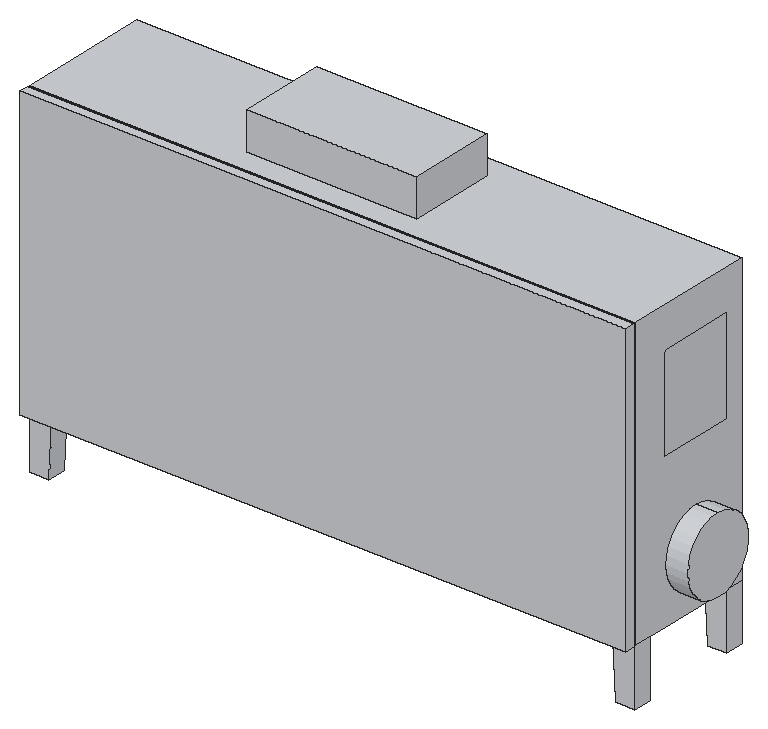
Revit family "AHU 1 _1", category Mechanické zařízení, Revit 2018
Family settings
  Kóta kulaté spojky = Použít průměr
  Typ dílu = Normální
  Číslo OmniClass = 23.75.00.00
  Nadpis OmniClass = Climate Control (HVAC)
  Založené na pracovní rovině = Ne
  Vždy vertikální = Ano
  Ořezat dutým tvarem při načtení = Ne
  Sdílené = Ne
  Bod výpočtu místnosti = Ne
Parameters (values of type "DUPLEXVENT 500 Multi")
  Width [instance] = 0.384 mm
  Weight [instance] = 90.00 kg
  URL = ""
  Type [instance] = "DUPLEXVENT 500 Multi"
  Total_SFP [instance] = 0
  Supply_outlet_hum [instance] = 90
  Supply_inlet_hum [instance] = 90
  Supply_ext_pressure [instance] = 0.0 Pa
  Supply_SFP [instance] = 0
  Source_adu_file [instance] = ""
  Recuperation_type [instance] = "Plate heat recovery exchanger"
  Recuperation_efficiency_EN308 [instance] = 0
  Project_name [instance] = ""
  Project_date [instance] = "9.8.2023"
  Power_supply_fusing [instance] = "0"
  Power_supply_cable [instance] = "0"
  Position [instance] = "AHU 1 "
  Phases_count [instance] = 1
  Panel_thickness [instance] = 0.06 mm
  Outer_surface [instance] = "RAL 9002"
  Length [instance] = 1.6 mm
  Insulation_type [instance] = "PUR"
  Insulation_thickness [instance] = 0.05 mm
  Installation_environment [instance] = ""
  Input_power_max [instance] = 340 W
  Inner_surface [instance] = "Pozink"
  I2 [instance] = I1  # 0.0 L/s
  Height [instance] = 0.765 mm
  Exhaust_outlet_hum [instance] = 40
  Exhaust_inlet_hum [instance] = 40
  Exhaust_ext_pressure [instance] = 0.0 Pa
  Exhaust_SFP [instance] = 0
  E1 [instance] = E2 - M1  # 0.0 L/s
  E2 [instance] = 0.0 L/s
  I1 [instance] = 0.0 L/s
  Description = ""
  M1 [instance] = 0.0 L/s
  Device_dutypoint_version [instance] = "0"
  Device_design_version [instance] = "9"
  Device_adu_id [instance] = "1"
  Current_max [instance] = 2.8 A
  Casing_mat [instance] = "painted zinc layer"
  Cable type [instance] = "CYKY 3Jx2,5"
Reference planes
  plane 1 "Střed (vpředu/vzadu)": y = 0
  plane 2 "ref": z = 0
  plane 3 "Střed (vlevo/vpravo)": x = 0
Forms (mm)
  Sweep 1, solid
    path origin (0, 0, 0) x (0, 0, 1) y (1, 0, 0)
      loop
        line (0, 0) -> (765, 0)
    profile origin (0, 0, 0) x (1, 0, 0) y (0, 1, 0)
      loop
        line (0, 0) -> (1600, 0) -> (1600, 354) -> (0, 354) -> (0, 0)
  Sweep 2, solid
    path origin (0, 0, 0) x (0, 0, 1) y (1, 0, 0)
      loop
        line (0, 0) -> (765, 0)
    profile origin (0, 0, 0) x (1, 0, 0) y (0, 1, 0)
      loop
        line (0, 0) -> (0, -30) -> (1600, -30) -> (1600, 0) -> (0, 0)
  Sweep 3, solid
    path origin (0, 199, 150) x (0, 0, -1) y (1, 0, 0)
      loop
        line (0, 0) -> (0, -60)
    profile origin (0, 199, 150) x (0, 0, -1) y (0, -1, 0)
      loop
        circle (0, 0) r 100
  Sweep 4, solid
    path origin (1599, 199, 532) x (1, 0, 0) y (0, 1, 0)
      loop
        line (0, 0) -> (1, 0)
    profile origin (1599, 199, 532) x (0, 1, 0) y (0, 0, 1)
      loop
        line (-100, 125) -> (-100, -125) -> (100, -125) -> (100, 125) -> (-100, 125)
  Sweep 5, solid
    path origin (1600, 199, 150) x (0, 0, -1) y (1, 0, 0)
      loop
        line (0, 0) -> (0, 60)
    profile origin (1600, 199, 150) x (0, 0, 1) y (0, -1, 0)
      loop
        circle (0, 0) r 100
  Sweep 6, solid
    path origin (1, 199, 544) x (0, 1, 0) y (-1, 0, 0)
      loop
        line (0, 0) -> (0, 1)
    profile origin (1, 199, 544) x (0, -1, 0) y (0, 0, 1)
      loop
        line (-100, -125) -> (100, -125) -> (100, 125) -> (-100, 125) -> (-100, -125)
  Sweep 7, solid
    path origin (453, 308, 0) x (0, -1, 0) y (0, 0, 1)
      loop
        line (0, 0) -> (0, -50)
    profile origin (453, 308, 0) x (-1, 0, 0) y (0, -1, 0)
      loop
        circle (0, 0) r 16
  Sweep 8, solid
    path origin (0, 0, 0) x (0, 0, 1) y (1, 0, 0)
      loop
        line (0, 0) -> (765, 0)
    profile origin (0, 0, 0) x (1, 0, 0) y (0, 1, 0)
      loop
        line (0, -30) -> (1600, -30) -> (1600, -5) -> (0, -5) -> (0, -30)
  Sweep 9, solid
    path origin (25, 50, 0) x (1, 0, 0) y (0, 1, 0)
      loop
        line (0, 0) -> (0, -50)
    profile origin (25, 50, 0) x (1, 0, 0) y (0, 0, 1)
      loop
        line (-25, 0) -> (-25, -150) -> (25, -150) -> (35, 0) -> (-25, 0)
  Sweep 10, solid
    path origin (1575, 50, 0) x (1, 0, 0) y (0, 1, 0)
      loop
        line (0, 0) -> (0, -50)
    profile origin (1575, 50, 0) x (1, 0, 0) y (0, 0, 1)
      loop
        line (-35, 0) -> (-25, -150) -> (25, -150) -> (25, 0) -> (-35, 0)
  Sweep 11, solid
    path origin (25, 354, 0) x (1, 0, 0) y (0, 1, 0)
      loop
        line (0, 0) -> (0, -50)
    profile origin (25, 354, 0) x (1, 0, 0) y (0, 0, 1)
      loop
        line (-25, 0) -> (-25, -150) -> (25, -150) -> (35, 0) -> (-25, 0)
  Sweep 12, solid
    path origin (1575, 354, 0) x (1, 0, 0) y (0, 1, 0)
      loop
        line (0, 0) -> (0, -50)
    profile origin (1575, 354, 0) x (1, 0, 0) y (0, 0, 1)
      loop
        line (-35, 0) -> (-25, -150) -> (25, -150) -> (25, 0) -> (-35, 0)
  Sweep 13, solid
    path origin (0, 0, 765) x (0, 0, 1) y (1, 0, 0)
      loop
        line (0, 0) -> (100, 0)
    profile origin (0, 0, 765) x (1, 0, 0) y (0, 1, 0)
      loop
        line (525, 62) -> (975, 62) -> (975, 292) -> (525, 292) -> (525, 62)
  Sweep 14, solid
    path origin (525, 177, 815) x (0, 0, -1) y (1, 0, 0)
      loop
        line (0, 0) -> (0, -1)
    profile origin (525, 177, 815) x (0, 0, -1) y (0, -1, 0)
      loop
        circle (0, 0) r 10
Lines and regions (mm)
  model lines, style "Symbol"
    curve 1: line (656, -30, 0) -> (656, -30, 153)
    curve 2: line (656, -30, 765) -> (656, -30, 612)
    curve 3: line (0, -30, 383) -> (426, -30, 383)
    curve 4: line (1600, -30, 383) -> (885, -30, 383)
    curve 5: line (426, -30, 383) -> (541, -30, 612)
    curve 6: line (541, -30, 612) -> (771, -30, 612)
    curve 7: line (771, -30, 612) -> (885, -30, 383)
    curve 8: line (885, -30, 383) -> (771, -30, 153)
    curve 9: line (771, -30, 153) -> (656, -30, 153)
    curve 10: line (656, -30, 153) -> (541, -30, 153)
    curve 11: line (541, -30, 153) -> (426, -30, 383)
    curve 12: line (1432, -30, 628) -> (1554, -30, 607)
    curve 13: line (1432, -30, 519) -> (1554, -30, 540)
    curve 14: line (168, -30, 519) -> (46, -30, 540)
    curve 15: line (168, -30, 628) -> (46, -30, 607)
    curve 16: line (32, -30, 76) -> (32, -30, 306)
    curve 17: line (32, -30, 306) -> (128, -30, 306)
    curve 18: line (128, -30, 306) -> (128, -30, 76)
    curve 19: line (128, -30, 76) -> (32, -30, 76)
    curve 20: line (80, -30, 76) -> (128, -30, 191)
    curve 21: line (80, -30, 306) -> (128, -30, 191)
    curve 22: line (1568, -30, 306) -> (1568, -30, 76)
    curve 23: line (1568, -30, 76) -> (1472, -30, 76)
    curve 24: line (1472, -30, 76) -> (1472, -30, 306)
    curve 25: line (1472, -30, 306) -> (1568, -30, 306)
    curve 26: line (1520, -30, 306) -> (1472, -30, 191)
    curve 27: line (1520, -30, 76) -> (1472, -30, 191)
    curve 28: line (500, -30, 134) -> (396, -30, 338)
    curve 29: line (396, -30, 338) -> (430, -30, 356)
    curve 30: line (430, -30, 356) -> (534, -30, 151)
    curve 31: line (534, -30, 151) -> (500, -30, 134)
    curve 32: line (437, -30, 265) -> (451, -30, 306)
    curve 33: line (479, -30, 183) -> (492, -30, 224)
    curve 34: line (0, -830, 0) -> (0, -30, 0)
    curve 35: line (1600, -830, 0) -> (1600, -30, 0)
    curve 36: line (0, -830, 0) -> (1600, -830, 0)
    curve 37: line (0, -830, 765) -> (0, -30, 765)
    curve 38: line (1600, -830, 765) -> (1600, -30, 765)
    curve 39: line (0, -830, 765) -> (1600, -830, 765)
    curve 40: line (0, -830, 0) -> (0, -830, 765)
    curve 41: line (1600, -830, 0) -> (1600, -830, 765)
    curve 42: line (0, -830, 565) -> (200, -830, 765)
    curve 43: line (0, -830, 365) -> (400, -830, 765)
    curve 44: line (0, -830, 165) -> (600, -830, 765)
    curve 45: line (35, -830, 0) -> (800, -830, 765)
    curve 46: line (235, -830, 0) -> (1000, -830, 765)
    curve 47: line (435, -830, 0) -> (1200, -830, 765)
    curve 48: line (635, -830, 0) -> (1400, -830, 765)
    curve 49: line (835, -830, 0) -> (1600, -830, 765)
    curve 50: line (1035, -830, 0) -> (1600, -830, 565)
    curve 51: line (1235, -830, 0) -> (1600, -830, 365)
    curve 52: line (1435, -830, 0) -> (1600, -830, 165)
    curve 53: line (1600, -830, 565) -> (1600, -630, 765)
    curve 54: line (1600, -830, 365) -> (1600, -430, 765)
    curve 55: line (1600, -830, 165) -> (1600, -230, 765)
    curve 56: line (1600, -795, 0) -> (1600, -30, 765)
    curve 57: line (1600, -595, 0) -> (1600, -30, 565)
    curve 58: line (1600, -395, 0) -> (1600, -30, 365)
    curve 59: line (1600, -195, 0) -> (1600, -30, 165)
    curve 60: line (0, -630, 765) -> (200, -830, 765)
    curve 61: line (0, -430, 765) -> (400, -830, 765)
    curve 62: line (0, -230, 765) -> (600, -830, 765)
    curve 63: line (0, -30, 765) -> (800, -830, 765)
    curve 64: line (200, -30, 765) -> (1000, -830, 765)
    curve 65: line (400, -30, 765) -> (1200, -830, 765)
    curve 66: line (600, -30, 765) -> (1400, -830, 765)
    curve 67: line (800, -30, 765) -> (1600, -830, 765)
    curve 68: line (1000, -30, 765) -> (1600, -630, 765)
    curve 69: line (1200, -30, 765) -> (1600, -430, 765)
    curve 70: line (1400, -30, 765) -> (1600, -230, 765)
    curve 71: line (0, 0, 1505) -> (0, 0, 765)
    curve 72: line (1600, 0, 1505) -> (1600, 0, 765)
    curve 73: line (0, 0, 1505) -> (1600, 0, 1505)
    curve 74: line (0, 354, 1505) -> (0, 354, 765)
    curve 75: line (1600, 354, 1505) -> (1600, 354, 765)
    curve 76: line (0, 354, 1505) -> (1600, 354, 1505)
    curve 77: line (0, 0, 1505) -> (0, 354, 1505)
    curve 78: line (1600, 0, 1505) -> (1600, 354, 1505)
    curve 79: line (0, 154, 1505) -> (200, 354, 1505)
    curve 80: line (46, 0, 1505) -> (400, 354, 1505)
    curve 81: line (246, 0, 1505) -> (600, 354, 1505)
    curve 82: line (446, 0, 1505) -> (800, 354, 1505)
    curve 83: line (646, 0, 1505) -> (1000, 354, 1505)
    curve 84: line (846, 0, 1505) -> (1200, 354, 1505)
    curve 85: line (1046, 0, 1505) -> (1400, 354, 1505)
    curve 86: line (1246, 0, 1505) -> (1600, 354, 1505)
    curve 87: line (1446, 0, 1505) -> (1600, 154, 1505)
    curve 88: line (1600, 154, 1505) -> (1600, 354, 1305)
    curve 89: line (1600, 0, 1459) -> (1600, 354, 1105)
    curve 90: line (1600, 0, 1259) -> (1600, 354, 905)
    curve 91: line (1600, 0, 1059) -> (1600, 294, 765)
    curve 92: line (1600, 0, 859) -> (1600, 94, 765)
    curve 93: line (0, 354, 1305) -> (200, 354, 1505)
    curve 94: line (0, 354, 1105) -> (400, 354, 1505)
    curve 95: line (0, 354, 905) -> (600, 354, 1505)
    curve 96: line (60, 354, 765) -> (800, 354, 1505)
    curve 97: line (260, 354, 765) -> (1000, 354, 1505)
    curve 98: line (460, 354, 765) -> (1200, 354, 1505)
    curve 99: line (660, 354, 765) -> (1400, 354, 1505)
    curve 100: line (860, 354, 765) -> (1600, 354, 1505)
    curve 101: line (1060, 354, 765) -> (1600, 354, 1305)
    curve 102: line (1260, 354, 765) -> (1600, 354, 1105)
    curve 103: line (1460, 354, 765) -> (1600, 354, 905)
    curve 104: line (0, 354, -150) -> (0, 354, 0)
    curve 105: line (1600, 354, -150) -> (1600, 354, 0)
    curve 106: line (0, 354, -150) -> (1600, 354, -150)
    curve 107: line (0, 0, -150) -> (0, 0, 0)
    curve 108: line (1600, 0, -150) -> (1600, 0, 0)
    curve 109: line (0, 0, -150) -> (1600, 0, -150)
    curve 110: line (0, 354, -150) -> (0, 0, -150)
    curve 111: line (1600, 354, -150) -> (1600, 0, -150)
    curve 112: line (0, 200, -150) -> (200, 0, -150)
    curve 113: line (46, 354, -150) -> (400, 0, -150)
    curve 114: line (246, 354, -150) -> (600, 0, -150)
    curve 115: line (446, 354, -150) -> (800, 0, -150)
    curve 116: line (646, 354, -150) -> (1000, 0, -150)
    curve 117: line (846, 354, -150) -> (1200, 0, -150)
    curve 118: line (1046, 354, -150) -> (1400, 0, -150)
    curve 119: line (1246, 354, -150) -> (1600, 0, -150)
    curve 120: line (1446, 354, -150) -> (1600, 200, -150)
    curve 121: line (1600, 200, -150) -> (1600, 50, 0)
    curve 122: line (1600, 354, -104) -> (1600, 250, 0)
    curve 123: line (50, 0, 0) -> (200, 0, -150)
    curve 124: line (250, 0, 0) -> (400, 0, -150)
    curve 125: line (450, 0, 0) -> (600, 0, -150)
    curve 126: line (650, 0, 0) -> (800, 0, -150)
    curve 127: line (850, 0, 0) -> (1000, 0, -150)
    curve 128: line (1050, 0, 0) -> (1200, 0, -150)
    curve 129: line (1250, 0, 0) -> (1400, 0, -150)
    curve 130: line (1450, 0, 0) -> (1600, 0, -150)
    curve 131: line (0, -30, 0) -> (0, -30, 765)
    curve 132: line (0, -30, 765) -> (760, -30, 765)
    curve 133: line (760, -30, 765) -> (760, -30, 0)
    curve 134: line (760, -30, 0) -> (0, -30, 0)
    curve 135: line (840, -30, 0) -> (840, -30, 765)
    curve 136: line (840, -30, 765) -> (1600, -30, 765)
    curve 137: line (1600, -30, 765) -> (1600, -30, 0)
    curve 138: line (1600, -30, 0) -> (840, -30, 0)
    curve 139: line (0, -30, 0) -> (1600, -30, 0)
    curve 140: line (0, -30, 765) -> (1600, -30, 765)
    curve 141: line (0, -30, 0) -> (0, -30, 765)
    curve 142: line (1600, -30, 0) -> (1600, -30, 765)
    curve 143: line (0, -30, 0) -> (0, -5, 0)
    curve 144: line (1600, -30, 0) -> (1600, -5, 0)
    curve 145: line (0, -30, 765) -> (0, -5, 765)
    curve 146: line (1600, -30, 765) -> (1600, -5, 765)
    curve 147: circle (1485, -30, 574) r 76 normal (0, -1, 0)
    curve 148: circle (115, -30, 574) r 76 normal (0, -1, 0)
    curve 149: circle (444, -30, 286) r 6 normal (0, -1, 0)
    curve 150: circle (486, -30, 204) r 6 normal (0, -1, 0)
Dimensions and locks
  aligned and locked: level to plane 2 "ref"
Connectors
  hvac at (-60, 199, 150), driven by "E1"
    settings: on Sweep 3, index 1, duct flow 0.0 L/s, flow factor 0, pres drop 0.0 Pa, loss coef 0, conn angle 0.00°, conn width 304.8 mm, conn height 304.8 mm, conn diameter 200 mm, duct sys type 1, conn prof type 0, flow config 1, flow direction 1, loss method 0, conn ref index -1, conn util no, is conn primary yes, conn desc ""
  hvac at (1600, 199, 532), driven by "E2"
    settings: on Sweep 4, index 2, duct flow 0.0 L/s, flow factor 1, pres drop 0.0 Pa, loss coef 0, conn angle 0.00°, conn width 200 mm, conn height 250 mm, conn diameter 609.6 mm, duct sys type 1, conn prof type 1, flow config 2, flow direction 2, loss method 0, conn ref index -1, conn util no, is conn primary no, conn desc ""
  hvac at (1660, 199, 150), driven by "I1"
    settings: on Sweep 5, index 3, duct flow 0.0 L/s, flow factor 1, pres drop 0.0 Pa, loss coef 0, conn angle 0.00°, conn width 304.8 mm, conn height 304.8 mm, conn diameter 200 mm, duct sys type 3, conn prof type 0, flow config 2, flow direction 1, loss method 0, conn ref index -1, conn util no, is conn primary no, conn desc ""
  hvac at (0, 199, 544), driven by "I2"
    settings: on Sweep 6, index 4, duct flow 0.0 L/s, flow factor 0, pres drop 0.0 Pa, loss coef 0, conn angle 0.00°, conn width 200 mm, conn height 250 mm, conn diameter 609.6 mm, duct sys type 3, conn prof type 1, flow config 1, flow direction 2, loss method 0, conn ref index -1, conn util no, is conn primary no, conn desc ""
  piping at (453, 308, -50), diameter 22
    settings: on Sweep 7, index 5, connector inside diameter 609.6 mm, connector length 0 mm, flow factor 0, pipe flow 0.0 L/s, pressure drop 0.0 Pa, fitting loss kfactor 0, connector angle 0.00°, fixture units 0, engagement length 0 mm, angle of deflection 0.00°, flow configuration 1, flow direction 2, fitting loss method 0, system type 16, joint type 0, gender type 0, connector reference index -1, connector utility 0, adjustable connector no, is connector primary yes, connector description ""
  electrical at (524, 177, 815)
    settings: on Sweep 14, index 6, voltage 230 V, apparent load 0 VA, apparent load phase1 0 VA, apparent load phase2 0 VA, apparent load phase3 0 VA, power factor 1, load classification "Další", number of poles 1, system type 31, power factor state 1, is connector primary yes, connector utility no, sub classification motor no, connector description ""
